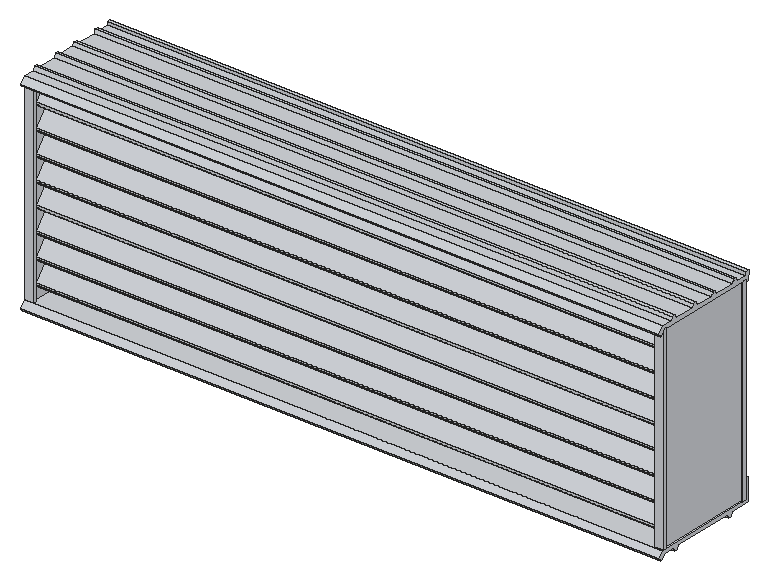
Revit family "BVE", category Mechanical Equipment, Revit 2015
Parameters
  URL = "http://unitedenertech.com/catalog/pdf/A_40%20BVE,%20BVF.pdf"
  Type Comments = "Max. Single Section Size is (48\"w x 15-3/4\"h)"
  Model = "BVE"
  Manufacturer = "United Enertech Corporation"
  Exact Width = 2' - 0"
  Exact Height = 0' - 7 3/4"
  Description = "Extruded Aluminum Brick Vent"
  Depth = 0' - 4.25621"
  Blade Spacing = 0' - 0 7/8"
  Blade Number [instance] = rounddown((Exact Height - 0' 0 1/4") / 0' 0 7/8")  # 8
  BW [instance] = Exact Width - 0' 0 1/4"  # 1' - 11 3/4"
Reference planes (in)
  plane 1 "Center (Front/Back)": y = 0
  plane 2: z = 0
  plane 3 "Center (Left/Right)": x = 0
  plane 4: x = -12
  plane 5: x = 12
  plane 6: z = 7.75
  plane 7: x = 11.87
  plane 8: x = -11.87
  plane 9: z = 0.13
  plane 10: x = -12.09318
  plane 11: x = 12.09318
  plane 12: z = 7.62
  plane 13: y = -0.23621
  plane 14: y = 4.02
Forms (in)
  Extrusion 1, solid
    sketch origin (24.73295, 44.30902, 0) x (0, 1, 0) y (-1, 0, 0)
      loop
        line (-44.30902, 12.95228) -> (-44.30902, 12.63978) -> (-44.17902, 12.63978) -> (-44.17902, 12.73295) -> (-40.54902, 12.73295) -> (-40.54902, 12.63978) -> (-40.41902, 12.63978) -> (-40.41902, 13.09395) -> (-40.54902, 13.09395) -> (-40.54902, 12.86295) -> (-42.89896, 12.86295) -> (-42.89896, 13.32719) -> (-42.94896, 13.32719) -> (-42.94896, 12.86295) -> (-44.17902, 12.86295) -> (-44.17902, 12.95228) -> (-44.30902, 12.95228)
    from 0.13 to 7.62
  Extrusion 2, solid
    sketch origin (-24.73295, 44.30902, 0) x (0, 1, 0) y (-1, 0, 0)
      loop
        line (-44.30902, -12.95228) -> (-44.17902, -12.95228) -> (-44.17902, -12.86295) -> (-42.94896, -12.86295) -> (-42.94896, -13.32719) -> (-42.89896, -13.32719) -> (-42.89896, -12.86295) -> (-40.54902, -12.86295) -> (-40.54902, -13.09395) -> (-40.41902, -13.09395) -> (-40.41902, -12.63978) -> (-40.54902, -12.63978) -> (-40.54902, -12.73295) -> (-44.17902, -12.73295) -> (-44.17902, -12.63978) -> (-44.30902, -12.63978) -> (-44.30902, -12.95228)
    from 0.13 to 7.62
  Extrusion 3, solid
    sketch origin (0, -18.21576, -14.19189) x (0, 1, 0) y (0, 0, 1)
      loop
        line (22.23576, 15.05274) -> (22.10576, 15.05274) -> (22.10576, 14.32189) -> (18.20392, 14.32189) -> (18.00081, 14.10968) -> (18.09454, 14.01996) -> (18.2591, 14.19189) -> (18.72213, 14.19189) -> (18.76615, 14.06481) -> (18.86587, 14.06481) -> (18.90989, 14.19189) -> (21.26852, 14.19189) -> (21.31254, 14.06481) -> (21.41226, 14.06481) -> (21.45628, 14.19189) -> (22.23576, 14.19189) -> (22.23576, 15.05274)
    from -12.09318 to 12.09318
  Extrusion 4, solid
    sketch origin (0, -14.62984, 17.3695) x (0, 1, 0) y (0, 0, 1)
      loop
        line (18.51984, -9.4945) -> (18.51984, -9.6195) -> (18.09384, -9.6195) -> (18.04834, -9.4945) -> (17.94534, -9.4945) -> (17.89984, -9.6195) -> (17.09384, -9.6195) -> (17.04834, -9.4945) -> (16.94534, -9.4945) -> (16.89984, -9.6195) -> (16.21884, -9.6195) -> (16.17334, -9.4945) -> (16.07034, -9.4945) -> (16.02484, -9.6195) -> (15.21884, -9.6195) -> (15.17334, -9.4945) -> (15.07034, -9.4945) -> (15.02484, -9.6195) -> (14.59484, -9.6195) -> (14.39363, -9.82786) -> (14.48714, -9.91817) -> (14.65002, -9.7495) -> (18.51984, -9.7495) -> (18.51984, -9.8695) -> (18.64984, -9.8695) -> (18.64984, -9.4945) -> (18.51984, -9.4945)
    from -12.09318 to 12.09318
Dimensions and locks (in)
  equal spacing: plane 4, plane 3 "Center (Left/Right)", plane 5
  "Exact Width": plane 4 to plane 5
  "Exact Height": plane 6 to level
  locked: plane 4 to plane 8 at 0.13
  locked: plane 7 to plane 5 at 0.13
  locked: plane 9 to level at 0.13
  locked: plane 5 to plane 11 at 0.09318
  locked: plane 10 to plane 4 at 0.09318
  locked: plane 6 to plane 12 at 0.13
  "Depth": plane 13 to plane 14
  equal spacing: group 1, group 2, group 3, group 4, group 5, group 6, group 7, group 8  (x2)
  equal spacing: group 8, group 7, group 6, group 5, group 4, group 3, group 2, group 1
  "Blade Spacing": nested 2 to nested 1
  aligned and locked: level to plane 2
  aligned and locked: Extrusion 2 to plane 9
  aligned and locked: Extrusion 1 to plane 9
  aligned and locked: plane 10 to Extrusion 3
  aligned and locked: Extrusion 3 to plane 11
  aligned and locked: plane 6 to Extrusion 4
  aligned and locked: plane 12 to Extrusion 2
  aligned and locked: plane 12 to Extrusion 1
  aligned and locked: plane 10 to Extrusion 4
  aligned and locked: Extrusion 4 to plane 11
  aligned and locked: plane 3 "Center (Left/Right)" to nested 1
  aligned and locked: plane 12 to nested 1
  aligned and locked: nested 2 to nested 1
Automatic sketch dimensions
  plane 1 "Center (Front/Back)" to Extrusion 1 sketch curve = 0' - 0"
  plane 5 to Extrusion 1 sketch curve = 0' - 0.09318"  (x2)
  Extrusion 1 sketch curve to plane 1 "Center (Front/Back)" = 0' - 0.13"  (x2)
  Extrusion 1 sketch curve to Extrusion 1 sketch curve = 0' - 1.23006"
  Extrusion 1 sketch curve to Extrusion 1 sketch curve = 0' - 0.05"
  Extrusion 1 sketch curve to Extrusion 1 sketch curve = 0' - 2.34994"
  Extrusion 1 sketch curve to Extrusion 1 sketch curve = 0' - 0"  (x2)
  Extrusion 1 sketch curve to Extrusion 1 sketch curve = 0' - 0.13"  (x2)
  Extrusion 1 sketch curve to Extrusion 1 sketch curve = 0' - 0.09318"
  Extrusion 1 sketch curve to Extrusion 1 sketch curve = 0' - 0.08932"
  Extrusion 1 sketch curve to Extrusion 1 sketch curve = 0' - 0.231"
  Extrusion 1 sketch curve to Extrusion 1 sketch curve = 0' - 0.46424"
  plane 1 "Center (Front/Back)" to Extrusion 2 sketch curve = 0' - 0"
  Extrusion 2 sketch curve to plane 4 = 0' - 0.09318"  (x2)
  plane 1 "Center (Front/Back)" to Extrusion 2 sketch curve = 0' - 0.13"  (x2)
  Extrusion 2 sketch curve to Extrusion 2 sketch curve = 0' - 1.23006"
  Extrusion 2 sketch curve to Extrusion 2 sketch curve = 0' - 0.05"
  Extrusion 2 sketch curve to Extrusion 2 sketch curve = 0' - 2.34994"
  Extrusion 2 sketch curve to Extrusion 2 sketch curve = 0' - 0"  (x2)
  Extrusion 2 sketch curve to Extrusion 2 sketch curve = 0' - 0.13"  (x2)
  plane 4 to Extrusion 2 sketch curve = 0' - 0"
  Extrusion 2 sketch curve to Extrusion 2 sketch curve = 0' - 0.08932"
  Extrusion 2 sketch curve to Extrusion 2 sketch curve = 0' - 0.231"
  Extrusion 2 sketch curve to Extrusion 2 sketch curve = 0' - 0.46424"
  Extrusion 3 sketch curve to plane 1 "Center (Front/Back)" = 0' - 3.89"
  Extrusion 3 sketch curve to Extrusion 3 sketch curve = 0' - 0.13"  (x2)
  Extrusion 3 sketch curve to Extrusion 3 sketch curve = 0' - 0.73086"
  Extrusion 3 sketch curve to Extrusion 3 sketch curve = 0' - 4.01122"
  Extrusion 3 sketch curve to Extrusion 3 sketch curve = 0' - 0.30193"
  Extrusion 3 sketch curve to Extrusion 3 sketch curve = 0' - 0.16456"
  Extrusion 3 sketch curve to level = 0' - 0.08221"
  Extrusion 3 sketch curve to Extrusion 3 sketch curve = 0' - 0 3/32"
  level to Extrusion 3 sketch curve = 0' - 0.13"
  Extrusion 3 sketch curve to Extrusion 3 sketch curve = 0' - 0.46302"
  Extrusion 3 sketch curve to Extrusion 3 sketch curve = 0' - 0.04402"  (x3)
  Extrusion 3 sketch curve to Extrusion 3 sketch curve = 0' - 0.12708"  (x3)
  Extrusion 3 sketch curve to Extrusion 3 sketch curve = 0' - 0.09972"  (x2)
  Extrusion 3 sketch curve to Extrusion 3 sketch curve = 0' - 0.83724"
  Extrusion 3 sketch curve to Extrusion 3 sketch curve = 0' - 0.18776"
  Extrusion 4 sketch curve to plane 1 "Center (Front/Back)" = 0' - 4.02"
  plane 6 to Extrusion 4 sketch curve = 0' - 0 1/8"
  Extrusion 4 sketch curve to Extrusion 4 sketch curve = 0' - 0.13"
  Extrusion 4 sketch curve to Extrusion 4 sketch curve = 0' - 0 1/8"  (x9)
  Extrusion 4 sketch curve to Extrusion 4 sketch curve = 0' - 0.426"
  Extrusion 4 sketch curve to Extrusion 4 sketch curve = 0' - 0.0455"  (x8)
  Extrusion 4 sketch curve to Extrusion 4 sketch curve = 0' - 0.103"  (x4)
  Extrusion 4 sketch curve to Extrusion 4 sketch curve = 0' - 0.806"
  Extrusion 4 sketch curve to Extrusion 4 sketch curve = 0' - 0.681"
  Extrusion 4 sketch curve to Extrusion 4 sketch curve = 0' - 1.0455"
  Extrusion 4 sketch curve to Extrusion 4 sketch curve = 0' - 0.43"
  Extrusion 4 sketch curve to Extrusion 4 sketch curve = 0' - 0.20121"
  Extrusion 4 sketch curve to Extrusion 4 sketch curve = 0' - 0.20836"
  Extrusion 4 sketch curve to Extrusion 4 sketch curve = 0' - 0.09351"
  Extrusion 4 sketch curve to Extrusion 4 sketch curve = 0' - 0.05518"
  Extrusion 4 sketch curve to Extrusion 4 sketch curve = 0' - 0"
  Extrusion 4 sketch curve to Extrusion 4 sketch curve = 0' - 0.12"
Nested families (in)
  nested 1: "BVE Blade" at (0, -3.07402, 1.16015), type "BVE Blade"
    with Blade Width 1' - 11 3/4"
  nested 2: "BVE Blade" at (0, -3.07402, 0.28515), type "BVE Blade"
    with Blade Width 1' - 11 3/4"
  nested 3: "BVE Blade" at (0, -3.07402, -0.58985), type "BVE Blade"
    with Blade Width 1' - 11 3/4"
  nested 4: "BVE Blade" at (0, -3.07402, -1.46485), type "BVE Blade"
    with Blade Width 1' - 11 3/4"
  nested 5: "BVE Blade" at (0, -3.07402, -2.33985), type "BVE Blade"
    with Blade Width 1' - 11 3/4"
  nested 6: "BVE Blade" at (0, -3.07402, -3.21485), type "BVE Blade"
    with Blade Width 1' - 11 3/4"
  nested 7: "BVE Blade" at (0, -3.07402, -4.08985), type "BVE Blade"
    with Blade Width 1' - 11 3/4"
  nested 8: "BVE Blade" at (0, -3.07402, -4.96485), type "BVE Blade"
    with Blade Width 1' - 11 3/4"
Definition of nested family "BVE Blade"
  Parameters (values of type "BVE Blade")
    Blade Width = 3' - 0"
  Reference planes (in)
    plane 1 "Center (Front/Back)": y = 0
    plane 2: z = 0
    plane 3 "Center (Left/Right)": x = 0
    plane 4: x = -18
    plane 5: x = 18
  Forms (in)
    Extrusion 1, solid
      sketch origin (-0.929, -1.34664, 2.27564) x (0, 1, 0) y (0, 0, 1)
        loop
          line (4.7157, 3.26451) -> (4.92108, 3.26451) -> (5.01949, 3.32133) -> (5.01949, 3.49011) -> (4.91241, 3.53357) -> (5.24642, 3.95929) -> (5.29717, 3.87138) -> (5.47735, 3.91966) -> (5.50448, 4.00577) -> (5.50448, 4.12222) -> (5.44249, 4.18421) -> (5.29057, 4.18421) -> (5.23295, 4.15273) -> (4.63753, 3.39382) -> (4.63753, 3.31748) -> (4.66917, 3.2787) -> (4.7157, 3.26451)
      from -17.071 to 18.929
  Dimensions and locks (in)
    equal spacing: plane 4, plane 3 "Center (Left/Right)", plane 5
    "Blade Width": plane 4 to plane 5
    aligned and locked: level to plane 2
    aligned and locked: plane 4 to Extrusion 1
    aligned and locked: Extrusion 1 to plane 5
  Automatic sketch dimensions
    Extrusion 1 sketch curve to plane 1 "Center (Front/Back)" = 0' - 3.29089"
    Extrusion 1 sketch curve to Extrusion 1 sketch curve = 0' - 0.03164"
    Extrusion 1 sketch curve to Extrusion 1 sketch curve = 0' - 0.04653"
    Extrusion 1 sketch curve to Extrusion 1 sketch curve = 0' - 0.27488"
    Extrusion 1 sketch curve to Extrusion 1 sketch curve = 0' - 0.20538"
    Extrusion 1 sketch curve to Extrusion 1 sketch curve = 0' - 0.10708"
    Extrusion 1 sketch curve to Extrusion 1 sketch curve = 0' - 0.21345"
    Extrusion 1 sketch curve to Extrusion 1 sketch curve = 0' - 0.01347"
    Extrusion 1 sketch curve to Extrusion 1 sketch curve = 0' - 0.05762"
    Extrusion 1 sketch curve to Extrusion 1 sketch curve = 0' - 0.05076"
    Extrusion 1 sketch curve to Extrusion 1 sketch curve = 0' - 0.15192"
    Extrusion 1 sketch curve to Extrusion 1 sketch curve = 0' - 0.18018"
    Extrusion 1 sketch curve to Extrusion 1 sketch curve = 0' - 0.02712"
    level to Extrusion 1 sketch curve = 0' - 5.54015"
    Extrusion 1 sketch curve to Extrusion 1 sketch curve = 0' - 0.01419"
    Extrusion 1 sketch curve to Extrusion 1 sketch curve = 0' - 0.03878"
    Extrusion 1 sketch curve to Extrusion 1 sketch curve = 0' - 0.05682"
    Extrusion 1 sketch curve to Extrusion 1 sketch curve = 0' - 0.07634"
    Extrusion 1 sketch curve to Extrusion 1 sketch curve = 0' - 0.16878"
    Extrusion 1 sketch curve to Extrusion 1 sketch curve = 0' - 0.04346"
    Extrusion 1 sketch curve to Extrusion 1 sketch curve = 0' - 0.38127"
    Extrusion 1 sketch curve to Extrusion 1 sketch curve = 0' - 0.04828"
    Extrusion 1 sketch curve to Extrusion 1 sketch curve = 0' - 0.08791"
    Extrusion 1 sketch curve to Extrusion 1 sketch curve = 0' - 0.08611"
    Extrusion 1 sketch curve to Extrusion 1 sketch curve = 0' - 0.11645"
    Extrusion 1 sketch curve to Extrusion 1 sketch curve = 0' - 0.19344"
    Extrusion 1 sketch curve to Extrusion 1 sketch curve = 0' - 0.06199"
